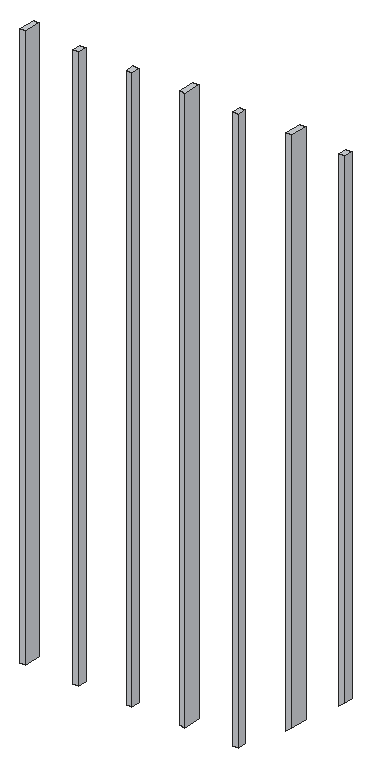
Revit family "Example panel 1 corner", category Curtain Panels, Revit 2020
Family settings
  OmniClass Number = 23.25.20.14.11.11.17
  OmniClass Title = Infill Panels
  Always vertical = Yes
  Cut with Voids When Loaded = No
  Shared = No
Parameters
  Safe frame width = 100 mm
  Corner 1 Y [instance] = 900 mm
  Corner 1 X [instance] = 1200 mm
Reference planes
  plane 1 "Center (Front/Back)": y = 0
  plane 2: z = 0
  plane 3 "Center (Left/Right)": x = 0
  plane 4 "Left": x = -1500
  plane 5 "Right": x = 1500
  plane 6 "Top": z = 4000
  plane 7: x = -1125
  plane 8: x = -750
  plane 9: x = -375
  plane 10: x = 375
  plane 11: x = 1125
  plane 12: x = 750
  plane 13: z = -100
  plane 14: z = 4100
  plane 15: x = 1600
  plane 16: x = -1600
  plane 17: x = 300
  plane 18: z = 900
Forms (mm)
  Sweep 1, solid
    path origin (0, 0, 0) x (1, 0, 0) y (0, 0, 1)
      loop
        line (1125, 0) -> (1125, 4000)
    profile "Profile : 60 deep" origin (1125, 0, 2000) x (-1, 0, 0) y (0, -1, 0)
      loop
        line (-20, 0) -> (-20, -60) -> (20, -60) -> (20, 0) -> (-20, 0)
  Sweep 2, solid
    path origin (-375, 0, 0) x (1, 0, 0) y (0, 0, 1)
      loop
        line (1125, 0) -> (1125, 4000)
    profile "Profile : 120 deep" origin (750, 0, 2000) x (-1, 0, 0) y (0, -1, 0)
      loop
        line (-20, 0) -> (-20, -120) -> (20, -120) -> (20, 0) -> (-20, 0)
  Sweep 3, solid
    path origin (-894.288, 0, 100) x (1, 0, 0) y (0, 0, 1)
      loop
        line (1269.288, -100) -> (1269.288, 3900)
    profile "Profile : 60 deep" origin (375, 0, 2000) x (-1, 0, 0) y (0, -1, 0)
      loop
        line (-20, 0) -> (-20, -60) -> (20, -60) -> (20, 0) -> (-20, 0)
  Sweep 4, solid
    path origin (-1552.589, 0, 100) x (1, 0, 0) y (0, 0, 1)
      loop
        line (1552.589, -100) -> (1552.589, 3900)
    profile "Profile : 120 deep" origin (0, 0, 2000) x (-1, 0, 0) y (0, -1, 0)
      loop
        line (-20, 0) -> (-20, -120) -> (20, -120) -> (20, 0) -> (-20, 0)
  Sweep 5, solid
    path origin (-1907.589, 0, 100) x (1, 0, 0) y (0, 0, 1)
      loop
        line (1532.589, -100) -> (1532.589, 3900)
    profile "Profile : 60 deep" origin (-375, 0, 2000) x (-1, 0, 0) y (0, -1, 0)
      loop
        line (-20, 0) -> (-20, -60) -> (20, -60) -> (20, 0) -> (-20, 0)
  Sweep 6, solid
    path origin (-2302.589, 0, 376.582) x (1, 0, 0) y (0, 0, 1)
      loop
        line (1552.589, -376.582) -> (1552.589, 3623.418)
    profile "Profile : 60 deep" origin (-750, 0, 2000) x (-1, 0, 0) y (0, -1, 0)
      loop
        line (-20, 0) -> (-20, -60) -> (20, -60) -> (20, 0) -> (-20, 0)
  Sweep 7, solid
    path origin (-2677.589, 0, 376.582) x (1, 0, 0) y (0, 0, 1)
      loop
        line (1552.589, -376.582) -> (1552.589, 3623.418)
    profile "Profile : 120 deep" origin (-1125, 0, 2000) x (-1, 0, 0) y (0, -1, 0)
      loop
        line (-20, 0) -> (-20, -120) -> (20, -120) -> (20, 0) -> (-20, 0)
  Extrusion 8, void
    sketch origin (0, 0, 0) x (1, 0, 0) y (0, 0, 1)
      loop
        line (1600, 900) -> (300, -100) -> (1600, -100) -> (1600, 900)
    from -300 to 300
Cuts and joins
  Extrusion 8 cuts Sweep 1
  Extrusion 8 cuts Sweep 2
  Extrusion 8 cuts Sweep 3
  Extrusion 8 cuts Sweep 4
  Extrusion 8 cuts Sweep 5
  Extrusion 8 cuts Sweep 6
  Extrusion 8 cuts Sweep 7
Lines and regions (mm)
  reference lines
    curve 1: line (1600, 0, -100) -> (1600, 0, 900)
    curve 2: line (1600, 0, -100) -> (300, 0, -100)
    curve 3: line (1600, 0, 900) -> (300, 0, -100)
  model lines, style "InvisibleLines"
    curve 4: line (1600, 0, 4100) -> (-1600, 0, 4100)
    curve 5: line (1600, 0, -100) -> (1600, 0, 4100)
    curve 6: line (-1600, 0, -100) -> (1600, 0, -100)
    curve 7: line (-1600, 0, 4100) -> (-1600, 0, -100)
Text (mm)
  text "Exterior" at (-2351.972, 1416.179, 0), in view "Ref. Level"
  text "Exterior" at (0, 2290.741, 4406.713), in view "Left"
  text "Exterior" at (0, 1328.187, 4120.349), in view "Right"
Dimensions and locks
  equal spacing: plane 4 "Left", plane 3 "Center (Left/Right)", plane 5 "Right"
  equal spacing: plane 4 "Left", plane 7, plane 8, plane 9, plane 3 "Center (Left/Right)"
  equal spacing: plane 3 "Center (Left/Right)", plane 10, plane 12, plane 11, plane 5 "Right"
  "Safe frame width": plane 5 "Right" to plane 15
  "Safe frame width": plane 16 to plane 4 "Left"
  "Safe frame width": plane 6 "Top" to plane 14
  "Safe frame width": plane 13 to plane 2
  "Corner 1 Y": plane 2 to plane 18
  "Corner 1 X": plane 17 to plane 5 "Right"
  aligned and locked: level to plane 2
  aligned and locked: plane 11 to Sweep 1 sketch curve
  aligned and locked: plane 6 "Top" to Sweep 1 sketch curve
  aligned and locked: plane 2 to Sweep 1 sketch curve
  aligned and locked: plane 6 "Top" to Sweep 2 sketch curve
  aligned and locked: plane 2 to Sweep 2 sketch curve
  aligned and locked: Sweep 2 sketch curve to plane 12
  aligned and locked: plane 6 "Top" to Sweep 3 sketch curve
  aligned and locked: plane 2 to Sweep 3 sketch curve
  aligned and locked: Sweep 3 sketch curve to plane 10
  aligned and locked: plane 6 "Top" to Sweep 4 sketch curve
  aligned and locked: plane 2 to Sweep 4 sketch curve
  aligned and locked: Sweep 4 sketch curve to plane 3 "Center (Left/Right)"
  aligned and locked: plane 6 "Top" to Sweep 5 sketch curve
  aligned and locked: plane 2 to Sweep 5 sketch curve
  aligned and locked: Sweep 5 sketch curve to plane 9
  aligned and locked: plane 6 "Top" to Sweep 6 sketch curve
  aligned and locked: plane 2 to Sweep 6 sketch curve
  aligned and locked: Sweep 6 sketch curve to plane 8
  aligned and locked: plane 6 "Top" to Sweep 7 sketch curve
  aligned and locked: plane 2 to Sweep 7 sketch curve
  aligned and locked: Sweep 7 sketch curve to plane 7
  aligned and locked: plane 15 to curve 1
  aligned and locked: curve 2 to plane 13
  aligned and locked: plane 18 to curve 1
  aligned and locked: plane 17 to curve 2
  aligned and locked: plane 13 to curve 6
  aligned and locked: plane 15 to curve 5
  aligned and locked: curve 4 to plane 14
  aligned and locked: plane 16 to curve 7
  aligned and locked: plane 15 to Extrusion 8 sketch curve
  aligned and locked: plane 13 to Extrusion 8 sketch curve
  aligned and locked: Extrusion 8 sketch curve to curve 3
